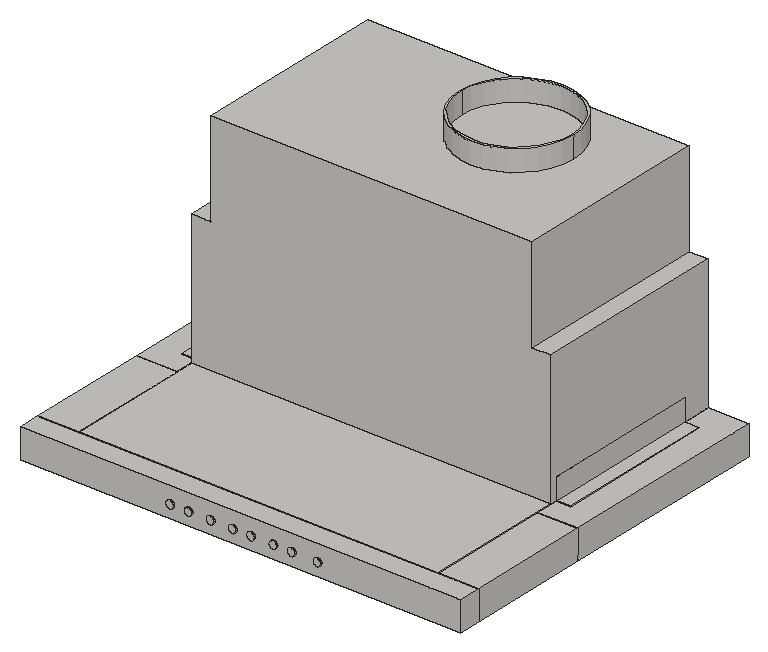
Revit family "AF210761", category Generic Models, Revit 2014
Parameters (values of type "AF210761")
  Width = 598 mm
  URL = "http://www.gaggenau.com."
  Model = "AF210761"
  Manufacturer = "Gaggenau"
  Height = 349 mm
  Unit = Metal Panel
  Description = "Gaggenau 24\" Visor Hood, with blower"
  Depth = 488 mm
Types (2, lengths in mm): name | Model | Description
  AF210761 | "AF210761" | "Gaggenau 24\" Visor Hood, with blower"
  AF210791 | "AF210791" | "Gaggenau 36\" Visor Hood, with blower"
Reference planes
  plane 1 "Center (Front/Back)": y = 0
  plane 2: z = 0
  plane 3 "Center (Left/Right)": x = 0
  plane 4: x = -299
  plane 5: x = 299
  plane 6: y = 244
  plane 7: y = -244
  plane 8: z = 349
  plane 9: y = -46
  plane 10: z = 378
  plane 11: y = 146
  plane 12: x = 63
  plane 13: y = -22
Forms (mm)
  Extrusion 1, solid, material "Metal Panel" <- "Unit"
    sketch origin (0, 0, 0) x (0, 1, 0) y (0, 0, 1)
      loop
        line (-244, 0) -> (-214, 0) -> (-214, 40) -> (-244, 40) -> (-244, 0)
    from -299 to 299
  Extrusion 2, solid, material "Metal Panel" <- "Unit"
    sketch origin (0, 0, 0) x (1, 0, 0) y (0, 0, 1)
      loop
        line (-299, 40) -> (-299, 0) -> (-244.135, 0) -> (-244.135, 40) -> (-299, 40)
      loop
        line (299, 40) -> (244.135, 40) -> (244.135, 0) -> (299, 0) -> (299, 40)
    from 46 to 214
  Extrusion 3, solid, material "Metal Panel" <- "Unit"
    sketch origin (0, 0, 0) x (1, 0, 0) y (0, 0, 1)
      loop
        line (-244.135, 40) -> (-244.135, 0) -> (244.135, 0) -> (244.135, 40) -> (-244.135, 40)
    from -244 to 214
  Extrusion 4, solid, material "Metal Panel" <- "Unit"
    sketch origin (0, 0, 0) x (1, 0, 0) y (0, 0, 1)
      loop
        line (-244.135, 40) -> (244.135, 40) -> (244.135, 221) -> (218.135, 221) -> (218.135, 349) -> (-218.135, 349) -> (-218.135, 221) -> (-244.135, 221) -> (-244.135, 40)
    from -244 to 22
  Extrusion 5, solid, material "Metal Panel" <- "Unit"
    sketch origin (0, 0, 0) x (1, 0, 0) y (0, 0, 1)
      loop
        line (-244.135, 70) -> (-244.999, 70) -> (-244.999, 40.817) -> (-264.135, 40.817) -> (-264.135, 40) -> (-244.135, 40) -> (-244.135, 70)
      loop
        line (244.135, 70) -> (244.135, 40) -> (264.135, 40) -> (264.135, 40.817) -> (244.999, 40.817) -> (244.999, 70) -> (244.135, 70)
    from -203.622 to 14.165
  Extrusion 6, solid, material "Metal Panel" <- "Unit"
    sketch origin (0, 0, 0) x (1, 0, 0) y (0, 0, 1)
      loop
        circle (-95.047, 17.929) r 5
      loop
        circle (-70.047, 17.929) r 5
      loop
        circle (-40.047, 17.929) r 5
      loop
        circle (-10.047, 17.929) r 5
      loop
        circle (14.953, 17.929) r 5
      loop
        circle (44.953, 17.929) r 5
      loop
        circle (69.953, 17.929) r 5
      loop
        circle (104.953, 17.929) r 5
    from 244 to 245.164
  Extrusion 7, solid, material "Metal Panel" <- "Unit"
    sketch origin (63, 18.8, 0) x (1, 0, 0) y (0, 1, 0)
      loop
        circle (0, 127.2) r 75
      loop
        circle (0, 127.2) r 77.582
    from 378 to 349
  Extrusion 8, solid, material "Metal Panel" <- "Unit"
    sketch origin (0, 0, 0) x (1, 0, 0) y (0, 0, 1)
      loop
        line (-299, 0) -> (-244.135, 0) -> (-244.135, 40) -> (-299, 40) -> (-299, 0)
      loop
        line (299, 0) -> (299, 40) -> (244.999, 40) -> (244.999, 0) -> (299, 0)
    from -244 to 46
Dimensions and locks
  equal spacing: plane 4, plane 3 "Center (Left/Right)", plane 5
  equal spacing: plane 6, plane 1 "Center (Front/Back)", plane 7
  "Width": plane 4 to plane 5
  "Depth": plane 6 to plane 7
  "Height": plane 8 to plane 2
  plane 6 to plane 9 = 290 mm
  plane 10 to plane 2 = 378 mm
  plane 12 to plane 5 = 236 mm
  plane 6 to plane 13 = 266 mm
  aligned and locked: level to plane 2
Automatic sketch dimensions
  Extrusion 1 sketch curve to plane 7 = 0 mm
  Extrusion 1 sketch curve to level = 0 mm
  Extrusion 1 sketch curve to plane 7 = 30 mm
  level to Extrusion 1 sketch curve = 40 mm
  Extrusion 2 sketch curve to level = 0 mm  (x2)
  Extrusion 2 sketch curve to plane 4 = 0 mm
  plane 5 to Extrusion 2 sketch curve = 0 mm
  plane 4 to Extrusion 2 sketch curve = 54.865 mm
  plane 5 to Extrusion 2 sketch curve = 54.865 mm
  level to Extrusion 2 sketch curve = 40 mm  (x2)
  Extrusion 3 sketch curve to level = 0 mm
  plane 4 to Extrusion 3 sketch curve = 54.865 mm
  plane 5 to Extrusion 3 sketch curve = 54.865 mm
  level to Extrusion 3 sketch curve = 40 mm
  Extrusion 4 sketch curve to plane 8 = 0 mm
  plane 4 to Extrusion 4 sketch curve = 54.865 mm
  plane 4 to Extrusion 4 sketch curve = 80.865 mm
  plane 5 to Extrusion 4 sketch curve = 80.865 mm
  Extrusion 4 sketch curve to Extrusion 4 sketch curve = 26 mm
  level to Extrusion 4 sketch curve = 40 mm
  Extrusion 4 sketch curve to Extrusion 4 sketch curve = 128 mm
  Extrusion 4 sketch curve to plane 8 = 128 mm
  plane 4 to Extrusion 5 sketch curve = 34.865 mm
  Extrusion 5 sketch curve to Extrusion 5 sketch curve = 19.136 mm  (x2)
  Extrusion 5 sketch curve to Extrusion 5 sketch curve = 0.864 mm  (x2)
  plane 5 to Extrusion 5 sketch curve = 54.865 mm
  level to Extrusion 5 sketch curve = 40 mm  (x2)
  Extrusion 5 sketch curve to Extrusion 5 sketch curve = 0.817 mm  (x2)
  Extrusion 5 sketch curve to Extrusion 5 sketch curve = 29.183 mm  (x2)
  level to Extrusion 6 sketch curve = 17.929 mm  (x8)
  Extrusion 6 sketch curve to plane 3 "Center (Left/Right)" = 95.047 mm
  Extrusion 6 sketch curve to Extrusion 6 sketch curve = 25 mm  (x2)
  Extrusion 6 sketch curve to Extrusion 6 sketch curve = 30 mm  (x2)
  Extrusion 6 sketch curve to plane 3 "Center (Left/Right)" = 10.047 mm
  plane 3 "Center (Left/Right)" to Extrusion 6 sketch curve = 14.953 mm
  Extrusion 6 sketch curve to Extrusion 6 sketch curve = 35 mm
  Extrusion 7 sketch curve to Extrusion 7 sketch curve = 0 mm  (x2)
  plane 3 "Center (Left/Right)" to Extrusion 7 sketch curve = 63 mm
  Extrusion 7 sketch curve to plane 6 = 98 mm
  Extrusion 8 sketch curve to plane 4 = 0 mm
  plane 5 to Extrusion 8 sketch curve = 0 mm
  plane 4 to Extrusion 8 sketch curve = 54.865 mm
  plane 5 to Extrusion 8 sketch curve = 54.001 mm
  level to Extrusion 8 sketch curve = 40 mm  (x2)
  Extrusion 8 sketch curve to level = 0 mm  (x2)
  radius of Extrusion 6 sketch curve = 5 mm  (x8)
  radius of Extrusion 7 sketch curve = 75 mm
  radius of Extrusion 7 sketch curve = 77.582 mm
